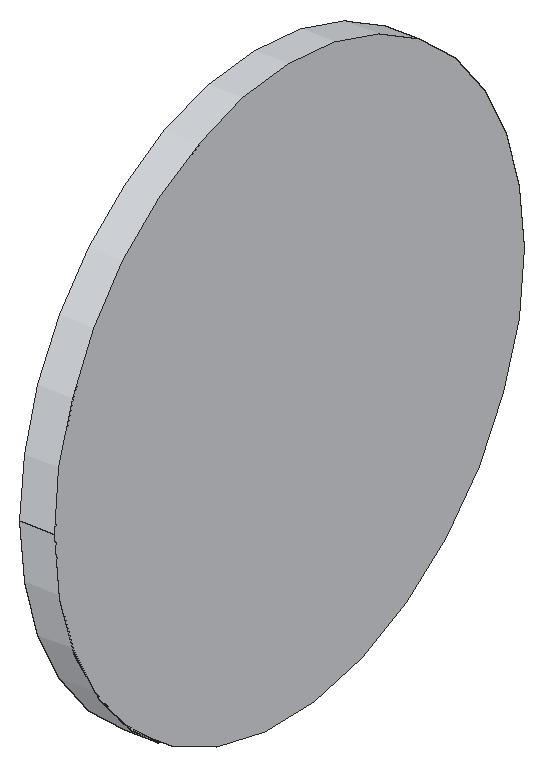
Revit family "bf5624e5800746b0b5f21869a6392b7d", category Pipe Fittings, Revit 2021
Family settings
  Round Connector Dimension = Use Radius
  Part Type = Cap
  OmniClass Number = 23.60.30.11.14
  OmniClass Title = Pipework Fittings
  Seek Item ID = Flange - Threaded - GI - Class 250-0000-USA-ENU
  Work Plane-Based = No
  Always vertical = Yes
  Cut with Voids When Loaded = No
  Shared = No
Parameters (values of type "Standard")
  Tick Size [instance] = Flange Diameter * 0.4  # 7.6000"
  Nominal Radius [instance] = 6.0000"
  Nominal Diameter [instance] = Nominal Radius * 2  # 12.0000"
  Loss Method = Not Defined
  Lookup Table Name = "Flange - Blind - Steel - Class 150_C207"
  Flange Thickness [instance] = size_lookup(Lookup Table Name, "FThk", 0.06 * Nominal Diameter + 0.3400", Nominal Diameter)  # 1.1170"
  Flange Radius [instance] = Flange Diameter / 2  # 9.5000"
  Flange Diameter [instance] = size_lookup(Lookup Table Name, "FDia", 1.13 * Nominal Diameter + 5.0900", Nominal Diameter)  # 19.0000"
  Default Elevation = 0.0000"
Reference planes (in)
  plane 1 "Center (Front/Back)": y = 0
  plane 2: z = 0
  plane 3 "Center (Left/Right)": x = 0
  plane 4: y = 7.6
  plane 5: y = -7.6
  plane 6: x = 1.117
Forms (in)
  Extrusion 1, solid, detail levels fine
    sketch origin (0, 0, 0) x (0, 1, 0) y (0, 0, 1)
      loop
        circle (0, 0) r 9.5
    from 0 to 1.117
Lines and regions (in)
  model lines, detail levels coarse+medium
    curve 1: line (0, 7.6, 0) -> (0, -7.6, 0)
Dimensions and locks (in)
  equal spacing: plane 4, plane 1 "Center (Front/Back)", plane 5
  "Tick Size": plane 4 to plane 1 "Center (Front/Back)"
  "Flange Thickness": plane 3 "Center (Left/Right)" to plane 6
  "Flange Radius": radius of Extrusion 1 sketch curve
  aligned and locked: plane 4 to curve 1
  aligned and locked: plane 5 to curve 1
  aligned and locked: plane 6 to Extrusion 1
  aligned and locked: Extrusion 1 to plane 3 "Center (Left/Right)"
  aligned and locked: curve 1 to plane 3 "Center (Left/Right)"
Automatic sketch dimensions
  Extrusion 1 sketch curve to level = 0.0000"
  Extrusion 1 sketch curve to plane 1 "Center (Front/Back)" = 0.0000"
Connectors (in)
  piping at (0, 0, 0), diameter 12, driven by "Nominal Radius"
    settings: on Extrusion 1, index 1, connector inside diameter 12.0000", connector length 0.0000", flow factor 0, pipe flow 0 GPM, pressure drop 0.00 psi, fitting loss kfactor 0, connector angle 0.00°, fixture units 0, engagement length 0.0000", angle of deflection 0.00°, flow configuration 0, flow direction 0, fitting loss method 0, system type 28, joint type 0, gender type 0, connector reference index -1, connector utility 0, adjustable connector no, is connector primary yes, connector description ""
